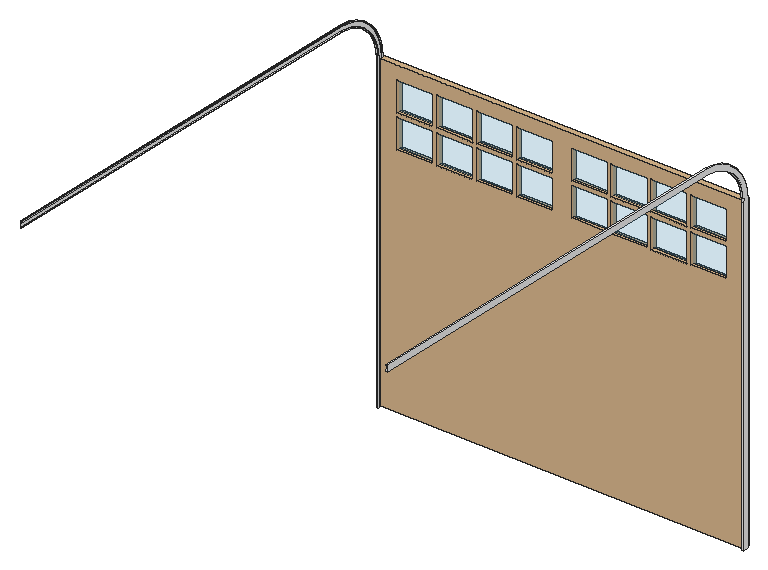
Revit family
Parameters (values of type "7Ft H x 8Ft W")
  Track Width = Width + 0' 2"  # 8' - 2"
  Track Height = Height + 1' 0"  # 8' - 0"
  Track Depth = 10' - 0"
  Track = Metal
  Thickness = 0' - 0"
  SmartBIM Object Version = 1  # constant formula
  SmartBIM Object Created By = "Reed Construction Data"  # constant formula
  Rough Height = 0' - 0"
  Panel Thickness = 0' - 1 1/2"
  Manufacturer = ""
  Height = 7' - 0"
  Wall Closure = (empty or 0)
  Width = 8' - 0"
  Glass = Glass
  Door = Wood
  Assembly Code = ""
  95 CSI = "08360"  # constant formula
  04 CSI = "08 36 13"  # constant formula
Types (2): name | Track Width | Width
  7Ft H x 8Ft W | 8' - 2" | 8' - 0"
  7Ft H x 16Ft W | 16' - 2" | 16' - 0"
Reference planes (in)
  plane 1 "Center (Front/Back)": y = 0
  plane 2 "Center (Left/Right)": x = 0
  plane 3 "Left": x = -48
  plane 4 "Right": x = 48
  plane 5 "Top": z = 84
  plane 6: x = -49
  plane 7: x = 49
  plane 8: y = -2.5
  plane 9: z = 81
  plane 10: z = 63
  plane 11: x = -45
  plane 12: x = -34.25
  plane 13: x = -23.5
  plane 14: x = -2
  plane 15: x = -12.75
  plane 16: z = 72
  plane 17: x = 2
  plane 18: x = 45
  plane 19: x = 34.25
  plane 20: x = 23.5
  plane 21: x = 12.75
  plane 22: y = -2.5
  plane 23: y = -2.5
  plane 24 "Interior": y = -3.25
  plane 25 "Exterior": y = -1.75
  plane 26: y = -1.75
  plane 27: y = -3.25
  plane 28: y = -1.75
  plane 29: z = 35
  plane 30: z = 31
  plane 31: z = 33
  plane 32: z = 3
  plane 33: z = 59
Forms (in)
  Extrusion 1, solid, material "Wood" <- "Door"
    sketch origin (0, 0, 0) x (1, 0, 0) y (0, 0, 1)
      loop
        line (-49, 84) -> (-49, 79.84334) -> (-49, 76.75) -> (-49, 62) -> (-49, 0) -> (49, 0) -> (49, 84) -> (-49, 84)
      loop
        line (-44.5, 80.5) -> (-44.5, 72.5) -> (-34.75, 72.5) -> (-34.75, 80.5) -> (-44.5, 80.5)
      loop
        line (-44.5, 63.5) -> (-34.75, 63.5) -> (-34.75, 71.5) -> (-44.5, 71.5) -> (-44.5, 63.5)
      loop
        line (-24, 80.5) -> (-33.75, 80.5) -> (-33.75, 72.5) -> (-24, 72.5) -> (-24, 80.5)
      loop
        line (-24, 63.5) -> (-24, 71.5) -> (-33.75, 71.5) -> (-33.75, 63.5) -> (-24, 63.5)
      loop
        line (-23, 80.5) -> (-23, 72.5) -> (-13.25, 72.5) -> (-13.25, 80.5) -> (-23, 80.5)
      loop
        line (-23, 63.5) -> (-13.25, 63.5) -> (-13.25, 71.5) -> (-23, 71.5) -> (-23, 63.5)
      loop
        line (-2.5, 80.5) -> (-12.25, 80.5) -> (-12.25, 72.5) -> (-2.5, 72.5) -> (-2.5, 80.5)
      loop
        line (-2.5, 63.5) -> (-2.5, 71.5) -> (-12.25, 71.5) -> (-12.25, 63.5) -> (-2.5, 63.5)
      loop
        line (44.5, 80.5) -> (34.75, 80.5) -> (34.75, 72.5) -> (44.5, 72.5) -> (44.5, 80.5)
      loop
        line (44.5, 63.5) -> (44.5, 71.5) -> (34.75, 71.5) -> (34.75, 63.5) -> (44.5, 63.5)
      loop
        line (24, 80.5) -> (24, 72.5) -> (33.75, 72.5) -> (33.75, 80.5) -> (24, 80.5)
      loop
        line (24, 63.5) -> (33.75, 63.5) -> (33.75, 71.5) -> (24, 71.5) -> (24, 63.5)
      loop
        line (23, 80.5) -> (13.25, 80.5) -> (13.25, 72.5) -> (23, 72.5) -> (23, 80.5)
      loop
        line (23, 63.5) -> (23, 71.5) -> (13.25, 71.5) -> (13.25, 63.5) -> (23, 63.5)
      loop
        line (2.5, 80.5) -> (2.5, 72.5) -> (12.25, 72.5) -> (12.25, 80.5) -> (2.5, 80.5)
      loop
        line (2.5, 63.5) -> (12.25, 63.5) -> (12.25, 71.5) -> (2.5, 71.5) -> (2.5, 63.5)
    from 1.75 to 3.25
  Extrusion 2, solid, material "Glass" <- "Glass"
    sketch origin (0, 0, 0) x (1, 0, 0) y (0, 0, 1)
      loop
        line (44.5, 80.5) -> (34.75, 80.5) -> (34.75, 72.5) -> (44.5, 72.5) -> (44.5, 80.5)
      loop
        line (44.5, 71.5) -> (34.75, 71.5) -> (34.75, 63.5) -> (44.5, 63.5) -> (44.5, 71.5)
      loop
        line (33.75, 71.5) -> (24, 71.5) -> (24, 63.5) -> (33.75, 63.5) -> (33.75, 71.5)
      loop
        line (33.75, 80.5) -> (24, 80.5) -> (24, 72.5) -> (33.75, 72.5) -> (33.75, 80.5)
      loop
        line (23, 80.5) -> (13.25, 80.5) -> (13.25, 72.5) -> (23, 72.5) -> (23, 80.5)
      loop
        line (23, 71.5) -> (13.25, 71.5) -> (13.25, 63.5) -> (23, 63.5) -> (23, 71.5)
      loop
        line (12.25, 71.5) -> (2.5, 71.5) -> (2.5, 63.5) -> (12.25, 63.5) -> (12.25, 71.5)
      loop
        line (12.25, 80.5) -> (2.5, 80.5) -> (2.5, 72.5) -> (12.25, 72.5) -> (12.25, 80.5)
      loop
        line (-2.5, 80.5) -> (-12.25, 80.5) -> (-12.25, 72.5) -> (-2.5, 72.5) -> (-2.5, 80.5)
      loop
        line (-2.5, 71.5) -> (-12.25, 71.5) -> (-12.25, 63.5) -> (-2.5, 63.5) -> (-2.5, 71.5)
      loop
        line (-13.25, 80.5) -> (-23, 80.5) -> (-23, 72.5) -> (-13.25, 72.5) -> (-13.25, 80.5)
      loop
        line (-13.25, 71.5) -> (-23, 71.5) -> (-23, 63.5) -> (-13.25, 63.5) -> (-13.25, 71.5)
      loop
        line (-24, 71.5) -> (-33.75, 71.5) -> (-33.75, 63.5) -> (-24, 63.5) -> (-24, 71.5)
      loop
        line (-24, 80.5) -> (-33.75, 80.5) -> (-33.75, 72.5) -> (-24, 72.5) -> (-24, 80.5)
      loop
        line (-34.75, 80.5) -> (-44.5, 80.5) -> (-44.5, 72.5) -> (-34.75, 72.5) -> (-34.75, 80.5)
      loop
        line (-34.75, 71.5) -> (-44.5, 71.5) -> (-44.5, 63.5) -> (-34.75, 63.5) -> (-34.75, 71.5)
    from 2.375 to 2.625
Lines and regions (in)
  Opening 1
    outline origin (-85, -1.75, 0) x (1, 0, 0) y (0, 0, 1)
      loop
        line (37, 0) -> (133, 0) -> (133, 84) -> (37, 84) -> (37, 0)
  model lines
    curve 1: line (-48, -3.25, 84) -> (49, -3.25, 84)
    curve 2: line (48, -3.25, 0) -> (-48, -3.25, 0)
    curve 3: line (48, -1.75, 0) -> (48, -1.75, 84)
    curve 4: line (-49, -1.75, 84) -> (49, -1.75, 84)
    curve 5: line (-48, -1.75, 84) -> (-48, -1.75, 0)
    curve 8: line (-43.10881, -3.25, 3) -> (-21.60881, -3.25, 31)
    curve 9: line (-3.89119, -3.25, 59) -> (-22.31976, -3.25, 35)
    curve 10: line (46.89119, -3.25, 3) -> (25.39119, -3.25, 31)
    curve 11: line (2, -3.25, 56.53705) -> (18.53738, -3.25, 35)
    curve 12: line (-48, -3.25, 3) -> (-46.89119, -3.25, 3)
    curve 13: line (-48, -3.25, 31) -> (-25.39119, -3.25, 31)
    curve 14: line (-48, -3.25, 35) -> (-22.31976, -3.25, 35)
    curve 15: line (-48, -3.25, 59) -> (-3.89119, -3.25, 59)
    curve 16: line (-2, -3.25, 56.53705) -> (-2, -3.25, 35)
    curve 17: line (2, -3.25, 56.53705) -> (2, -3.25, 35)
    curve 18: line (3.89119, -3.25, 59) -> (48, -3.25, 59)
    curve 19: line (-25.39119, -3.25, 31) -> (-46.89119, -3.25, 3)
    curve 20: line (-18.53738, -3.25, 35) -> (-2, -3.25, 56.53705)
    curve 21: line (21.60881, -3.25, 31) -> (43.10881, -3.25, 3)
    curve 22: line (22.31976, -3.25, 35) -> (3.89119, -3.25, 59)
    curve 23: line (22.31976, -3.25, 35) -> (48, -3.25, 35)
    curve 24: line (25.39119, -3.25, 31) -> (48, -3.25, 31)
    curve 25: line (-21.60881, -3.25, 31) -> (-2, -3.25, 31)
    curve 26: line (-18.53738, -3.25, 35) -> (-2, -3.25, 35)
    curve 27: line (2, -3.25, 31) -> (21.60881, -3.25, 31)
    curve 28: line (2, -3.25, 35) -> (18.53738, -3.25, 35)
    curve 29: line (-2, -3.25, 31) -> (-2, -3.25, 3)
    curve 30: line (2, -3.25, 31) -> (2, -3.25, 3)
    curve 31: line (-43.10881, -3.25, 3) -> (-2, -3.25, 3)
    curve 32: line (46.89119, -3.25, 3) -> (48, -3.25, 3)
    curve 33: line (2, -3.25, 3) -> (43.10881, -3.25, 3)
    curve 34: line (-48, -3.25, 3) -> (-48, -3.25, 31)
    curve 35: line (-48, -3.25, 35) -> (-48, -3.25, 59)
    curve 36: line (48, -3.25, 3) -> (48, -3.25, 31)
    curve 37: line (48, -3.25, 35) -> (48, -3.25, 59)
    curve 38: line (22.31976, -1.75, 35) -> (48, -1.75, 35)
    curve 39: line (48, -1.75, 35) -> (48, -1.75, 59)
    curve 40: line (48, -1.75, 59) -> (3.89119, -1.75, 59)
    curve 41: line (3.89119, -1.75, 59) -> (22.31976, -1.75, 35)
    curve 42: line (2, -1.75, 35) -> (18.53738, -1.75, 35)
    curve 43: line (18.53738, -1.75, 35) -> (2, -1.75, 56.53705)
    curve 44: line (2, -1.75, 56.53705) -> (2, -1.75, 35)
    curve 45: line (-18.53738, -1.75, 35) -> (-2, -1.75, 35)
    curve 46: line (-2, -1.75, 35) -> (-2, -1.75, 56.53705)
    curve 47: line (-2, -1.75, 56.53705) -> (-18.53738, -1.75, 35)
    curve 48: line (-48, -1.75, 35) -> (-22.31976, -1.75, 35)
    curve 49: line (-22.31976, -1.75, 35) -> (-3.89119, -1.75, 59)
    curve 50: line (-3.89119, -1.75, 59) -> (-48, -1.75, 59)
    curve 51: line (-48, -1.75, 59) -> (-48, -1.75, 35)
    curve 52: line (-48, -1.75, 3) -> (-48, -1.75, 31)
    curve 53: line (-48, -1.75, 31) -> (-25.39119, -1.75, 31)
    curve 54: line (-25.39119, -1.75, 31) -> (-46.89119, -1.75, 3)
    curve 55: line (-43.10881, -1.75, 3) -> (-2, -1.75, 3)
    curve 56: line (-2, -1.75, 3) -> (-2, -1.75, 31)
    curve 57: line (-2, -1.75, 31) -> (-21.60881, -1.75, 31)
    curve 58: line (-21.60881, -1.75, 31) -> (-43.10881, -1.75, 3)
    curve 59: line (2, -1.75, 3) -> (43.10881, -1.75, 3)
    curve 60: line (43.10881, -1.75, 3) -> (21.60881, -1.75, 31)
    curve 61: line (21.60881, -1.75, 31) -> (2, -1.75, 31)
    curve 62: line (2, -1.75, 31) -> (2, -1.75, 3)
    curve 63: line (46.89119, -1.75, 3) -> (25.39119, -1.75, 31)
    curve 64: line (25.39119, -1.75, 31) -> (48, -1.75, 31)
    curve 65: line (48, -1.75, 31) -> (48, -1.75, 3)
    curve 66: line (46.89119, -1.75, 3) -> (48, -1.75, 3)
  reference lines
    curve 6: line (45, -3.25, 3) -> (2, -3.25, 59)
    curve 7: line (-2, -3.25, 59) -> (-45, -3.25, 3)
Text (in)
  text "Exterior" at (-74.96733, 27.31104, 0), in view "Ref. Level"
  text "Interior" at (-76.69036, -30.31274, 0), in view "Ref. Level"
  text "Exterior" at (0, 40.15149, 123.01588), in view "Right"
  text "Interior" at (0, -64.39139, 123.01588), in view "Right"
  text "Interior" at (0, -31.01599, 123.00693), in view "Left"
  text "Exterior" at (0, 54.57065, 123.00693), in view "Left"
Dimensions and locks (in)
  equal spacing: plane 3 "Left", plane 2 "Center (Left/Right)", plane 4 "Right"
  "Height": level to plane 5 "Top"
  "Width": plane 3 "Left" to plane 4 "Right"
  locked: plane 6 to plane 3 "Left" at 1
  locked: plane 4 "Right" to plane 7 at 1
  "Panel Thickness": Extrusion 1 to Extrusion 1
  locked: plane 9 to plane 5 "Top" at 3
  locked: plane 10 to plane 9 at 18
  locked: plane 3 "Left" to plane 11 at 3
  locked: plane 2 "Center (Left/Right)" to plane 14 at 2
  equal spacing: plane 14, plane 15, plane 13, plane 12, plane 11
  equal spacing: plane 9, plane 16, plane 10
  locked: plane 9 to Extrusion 1 sketch curve at 0.5  (x8)
  locked: Extrusion 1 sketch curve to plane 11 at 0.5  (x2)
  locked: Extrusion 1 sketch curve to plane 10 at 0.5  (x6)
  locked: plane 12 to Extrusion 1 sketch curve at 0.5  (x2)
  locked: Extrusion 1 sketch curve to plane 16 at 0.5  (x8)
  locked: plane 16 to Extrusion 1 sketch curve at 0.5  (x7)
  locked: plane 17 to plane 2 "Center (Left/Right)" at 2
  locked: plane 18 to plane 4 "Right" at 3
  equal spacing: plane 17, plane 21, plane 20, plane 19, plane 18
  locked: Extrusion 1 sketch curve to plane 18 at 0.5  (x2)
  locked: plane 19 to Extrusion 1 sketch curve at 0.5  (x2)
  locked: plane 20 to Extrusion 1 sketch curve at 0.5  (x2)
  locked: plane 21 to Extrusion 1 sketch curve at 0.5  (x2)
  locked: plane 17 to Extrusion 1 sketch curve at 0.5  (x2)
  locked: plane 14 to Extrusion 1 sketch curve at 0.5  (x2)
  locked: Extrusion 1 sketch curve to plane 15 at 0.5  (x2)
  locked: plane 15 to Extrusion 1 sketch curve at 0.5
  plane 15 to Extrusion 1 sketch curve = 0' - 0 1/2"
  locked: Extrusion 1 sketch curve to plane 13 at 0.5  (x2)
  locked: plane 13 to Extrusion 1 sketch curve at 0.5  (x2)
  locked: Extrusion 1 sketch curve to plane 12 at 0.5  (x2)
  plane 12 to Extrusion 1 sketch curve = 0' - 0 1/2"
  locked: Extrusion 1 sketch curve to plane 21 at 0.5  (x2)
  locked: Extrusion 1 sketch curve to plane 20 at 0.5  (x2)
  locked: Extrusion 1 sketch curve to plane 19 at 0.5  (x2)
  locked: Extrusion 2 to Extrusion 2 at 0.25
  plane 22 to Extrusion 1 = 0' - 0 3/4"
  locked: plane 23 to Extrusion 2 at 0.125
  equal spacing: plane 25 "Exterior", plane 8, plane 27
  "Panel Thickness": plane 25 "Exterior" to plane 24 "Interior"
  locked: plane 10 to Extrusion 1 at 21
  plane 32 to plane 31 to plane 10 = 2' - 6", 2' - 6"
  locked: level to plane 32 at 3
  plane 32 to level = 0' - 3"
  locked: plane 26 to host wall at 2
  equal spacing: curve 11, curve 6, curve 22
  locked: curve 11 to curve 22 at 3
  equal spacing: curve 21, curve 6, curve 10
  locked: curve 21 to curve 10 at 3
  equal spacing: curve 8, curve 7, curve 19, locked at 1.5 each
  locked: curve 19 to curve 8 at 3
  equal spacing: curve 20, curve 7, curve 9
  locked: curve 9 to curve 20 at 3
  locked: plane 31 to plane 29 at 2
  locked: plane 30 to plane 31 at 2
  locked: plane 33 to plane 10 at 4
  aligned and locked: plane 3 "Left" to Opening 1 sketch curve
  aligned and locked: plane 5 "Top" to Opening 1 sketch curve  (x2)
  aligned and locked: Opening 1 sketch curve to plane 4 "Right"
  aligned and locked: Opening 1 sketch curve to level
  aligned and locked: Extrusion 1 sketch curve to plane 6
  aligned and locked: Extrusion 1 sketch curve to plane 7
  aligned and locked: Extrusion 1 sketch curve to level
  aligned and locked: Extrusion 1 sketch curve to host wall
  aligned and locked: Extrusion 2 sketch curve to Extrusion 1  (x64)
  aligned and locked: plane 22 to plane 23
  aligned and locked: Extrusion 1 to curve 1
  aligned and locked: Extrusion 1 to curve 2
  aligned and locked: curve 3 to host wall
  aligned and locked: curve 4 to Extrusion 1
  aligned and locked: curve 5 to host wall
  aligned and locked: plane 24 "Interior" to curve 2
  aligned and locked: plane 22 to plane 8
  aligned and locked: plane 25 "Exterior" to host wall
  aligned and locked: plane 24 "Interior" to plane 27
  aligned and locked: plane 28 to plane 26
  aligned and locked: Extrusion 1 to plane 27
  aligned and locked: plane 32 to curve 6
  aligned and locked: plane 17 to curve 6
  aligned and locked: plane 33 to curve 7
  aligned and locked: plane 32 to curve 12
  aligned and locked: plane 30 to curve 13
  aligned and locked: plane 29 to curve 14
  aligned and locked: plane 33 to curve 15
  aligned and locked: plane 14 to curve 16
  aligned and locked: plane 33 to curve 18
  aligned and locked: plane 32 to curve 21
  aligned and locked: plane 3 "Left" to curve 34
  aligned and locked: plane 4 "Right" to curve 36
  aligned and locked: curve 38 to curve 23
  aligned and locked: curve 39 to curve 37
  aligned and locked: curve 40 to curve 18
  aligned and locked: curve 41 to curve 22
  aligned and locked: curve 42 to curve 28
  aligned and locked: curve 43 to curve 11
  aligned and locked: curve 44 to curve 17
  aligned and locked: curve 45 to curve 26
  aligned and locked: curve 46 to curve 16
  aligned and locked: curve 47 to curve 20
  aligned and locked: curve 48 to curve 14
  aligned and locked: curve 49 to curve 9
  aligned and locked: curve 50 to curve 15
  aligned and locked: curve 51 to curve 35
  aligned and locked: curve 52 to curve 34
  aligned and locked: curve 53 to curve 13
  aligned and locked: curve 54 to curve 19
  aligned and locked: curve 55 to curve 31
  aligned and locked: curve 56 to curve 29
  aligned and locked: curve 57 to curve 25
  aligned and locked: curve 58 to curve 8
  aligned and locked: curve 59 to curve 33
  aligned and locked: curve 60 to curve 21
  aligned and locked: curve 61 to curve 27
  aligned and locked: curve 62 to curve 30
  aligned and locked: curve 63 to curve 10
  aligned and locked: curve 64 to curve 24
  aligned and locked: curve 65 to curve 36
  aligned and locked: curve 66 to curve 32
  aligned and locked: nested 1 to plane 2 "Center (Left/Right)"
  aligned and locked: nested 1 to plane 8
Automatic sketch dimensions
  Extrusion 1 sketch curve to plane 15 = 0' - 0 1/2"
  Extrusion 1 sketch curve to plane 10 = 0' - 1"
  plane 10 to Extrusion 1 sketch curve = 0' - 0 1/2"  (x2)
  Extrusion 1 sketch curve to plane 16 = 0' - 0 1/2"
  Extrusion 1 sketch curve to plane 9 = 0' - 4 1/4"
  Extrusion 1 sketch curve to plane 9 = 0' - 1.15666"
  curve 4 to plane 5 "Top" = 0' - 0"
  curve 4 to plane 7 = 0' - 0"
  curve 5 to plane 3 "Left" = 0' - 0"
  curve 4 to plane 6 = 0' - 0"
  curve 5 to level = 0' - 0"
  curve 3 to level = 0' - 0"
  curve 6 to plane 18 = 0' - 0"
  curve 7 to plane 14 = 0' - 0"
  curve 7 to plane 11 = 0' - 0"
  curve 7 to plane 32 = 0' - 0"
  curve 6 to plane 33 = 0' - 0"
  curve 1 to plane 7 = 0' - 0"
  curve 32 to plane 32 = 0' - 0"
  curve 10 to plane 30 = 0' - 0"
  curve 21 to plane 30 = 0' - 0"
  curve 28 to plane 29 = 0' - 0"
  curve 30 to plane 17 = 0' - 0"
  curve 17 to plane 17 = 0' - 0"
  curve 29 to plane 14 = 0' - 0"
  curve 26 to plane 29 = 0' - 0"
  curve 8 to plane 30 = 0' - 0"
  curve 31 to plane 32 = 0' - 0"
  curve 2 to plane 3 "Left" = 0' - 0"
  curve 14 to plane 3 "Left" = 0' - 0"
  curve 1 to plane 3 "Left" = 0' - 0"
  curve 37 to plane 4 "Right" = 0' - 0"
  curve 37 to plane 29 = 0' - 0"
  curve 2 to plane 4 "Right" = 0' - 0"
  curve 54 to plane 32 = 0' - 0"
  curve 52 to plane 32 = 0' - 0"
  curve 65 to plane 32 = 0' - 0"
  curve 66 to plane 4 "Right" = 0' - 0"
Nested families (in)
  nested 1: "Door Track" at (-0.5, -64, 0), Width <- "Track Width", Height <- "Track Height", Depth <- "Track Depth", type "Door Track"
    with Width 8' - 2", Height 8' - 0", Depth 10' - 0"
Definition of nested family "Door Track"
  Parameters
    Width [instance] = 10' - 0"
    Track = Metal
    Height [instance] = 11' - 0"
    Depth [instance] = 8' - 0"
  Reference planes (in)
    plane 1 "Center (Front/Back)": y = 0
    plane 2: z = 0
    plane 3 "Center (Left/Right)": x = 0.5
    plane 4 "Back": y = 48
    plane 5 "Front": y = -48
    plane 6 "Left": x = -59.5
    plane 7 "Right": x = 60.5
    plane 8 "Top": z = 132
    plane 9 "Center (Up/Down)": z = 66
    plane 10: y = 48.75
    plane 11: y = 49.5
  Forms (in)
    Sweep 1, solid, material "Metal" <- "Track"
      path origin (60.5, 60, 48) x (0, 1, 0) y (0, 0, 1)
        loop
          line (-12, -48) -> (-12, 72)
          arc (-12, 72) -> (-15.51472, 80.48528) -> (-24, 84) r 12
          line (-24, 84) -> (-108, 84)
      profile origin (60.5, -6, 132) x (0, 0, -1) y (1, 0, 0)
        loop
          line (-1.5, 0) -> (-1.375, 0) -> (-1.375, 0.375) -> (-0.125, 0.375) -> (-0.125, 0) -> (0, 0) -> (0, 0.5) -> (-1.5, 0.5) -> (-1.5, 0)
    Sweep 2, solid, material "Metal" <- "Track"
      path origin (-59.5, 60, 48) x (0, 1, 0) y (0, 0, 1)
        loop
          line (-12, -48) -> (-12, 72)
          arc (-12, 72) -> (-15.51472, 80.48528) -> (-24, 84) r 12
          line (-24, 84) -> (-108, 84)
      profile origin (-59.5, -6, 132) x (0, 0, -1) y (1, 0, 0)
        loop
          line (-1.5, 0) -> (-1.5, -0.5) -> (0, -0.5) -> (0, 0) -> (-0.125, 0) -> (-0.125, -0.375) -> (-1.375, -0.375) -> (-1.375, 0) -> (-1.5, 0)
  Dimensions and locks (in)
    equal spacing: plane 6 "Left", plane 3 "Center (Left/Right)", plane 7 "Right"
    "Width": plane 6 "Left" to plane 7 "Right"
    equal spacing: plane 4 "Back", plane 1 "Center (Front/Back)", plane 5 "Front"
    "Depth": plane 4 "Back" to plane 5 "Front"
    "Height": plane 8 "Top" to plane 2
    equal spacing: plane 8 "Top", plane 9 "Center (Up/Down)", level
    locked: Sweep 2 sketch curve to Sweep 2 sketch curve at 0.125  (x3)
    locked: Sweep 2 sketch curve to Sweep 2 sketch curve at 0.5  (x2)
    locked: Sweep 2 sketch curve to Sweep 2 sketch curve at 1.5
    locked: Sweep 1 sketch curve to Sweep 1 sketch curve at 0.5  (x2)
    locked: Sweep 1 sketch curve to Sweep 1 sketch curve at 0.125  (x3)
    locked: Sweep 1 sketch curve to Sweep 1 sketch curve at 1.5
    equal spacing: plane 4 "Back", plane 10, plane 11
    locked: plane 10 to plane 11 at 0.75
    radius of Sweep 1 sketch curve = 1' - 0"
    radius of Sweep 2 sketch curve = 1' - 0"
    aligned and locked: plane 8 "Top" to Sweep 1 sketch curve  (x2)
    aligned and locked: plane 5 "Front" to Sweep 1 sketch curve
    aligned and locked: plane 4 "Back" to Sweep 1 sketch curve
    aligned and locked: plane 4 "Back" to Sweep 2 sketch curve
    aligned and locked: plane 5 "Front" to Sweep 2 sketch curve
    aligned and locked: level to Sweep 2 sketch curve
    aligned and locked: Sweep 2 sketch curve to profile plane  (x2)
    aligned and locked: Sweep 1 sketch curve to profile plane
    aligned and locked: plane 11 to Sweep 1
  Automatic sketch dimensions
    Sweep 1 sketch curve to level = 0' - 0"
    Sweep 2 sketch curve to plane 8 "Top" = 0' - 0"
